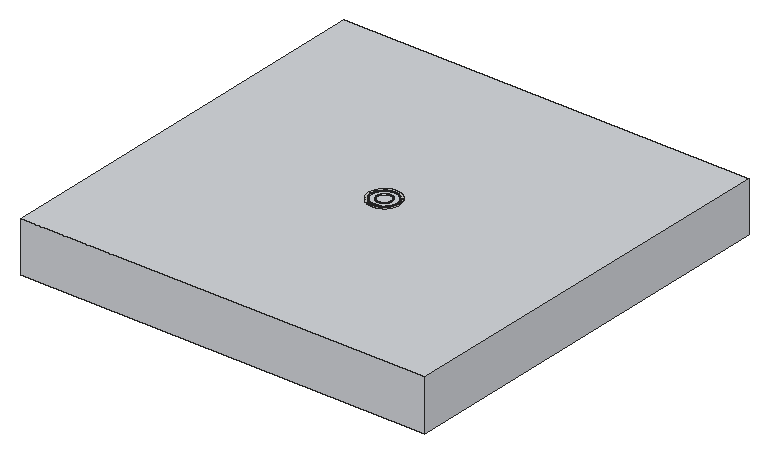
Revit family "LAMP_HANCE DOWNLIGHT RECESSED MEDIUM FLOOD 3000_4000", category Modelos genéricos, Revit 2015
Parameters (values of type "2744LM 4000K 3000 BLACK")
  Weight = 1.36 kg
  Aro 3000/4000 = yes
  Aro 1000/2000 = no
  Type = "COB PHILIPS"
  Tilting [instance] = if(Tilt < 0.00°, 180.00°, if(Tilt > 30.00°, 210.00°, Tilt + 180.00°))  # 180.00°
  Tilt [instance] = 0.00°
  Recessed diameter = 175 mm
  Protection rating = "IP20"
  Product datasheet = "http://www.lamp.es/product-files/TECH/HD1RE30MF840NBB-EN.pdf"
  Product code = "HD1RE30MF840NBB"
  Product URL = "https://www.lamp.es/en/family/hance-downlight_196363"
  Power Supply = "220-240V 50/60Hz"
  Power = 25 W
  Plum = 27.8 W
  Photometric web file = Cuerpo Hance BASE (tilting)_MF : 2744LM 4000K 3000 BLACK
  Modelo = Product code  # "HD1RE30MF840NBB"
  Model explanation = "Availability of tilting between 0º and 30º when placed in a project."
  Material interior aro = LAMP_Aluminio Hance Negro
  Material aro = LAMP_Aluminio Hance Negro
  Manufacturer name = "LAMP"
  Manufacturer country = "Spain"
  Manufacturer URL = "http://www.lamp.es/en"
  MacAdam = "3"
  Luminaire type = "Indoor - Recessed downlight"
  Last update = "21/11/2019"
  Lamp = "COB LED"
  LED Lifetime = "50.000 L80 B10"
  Insulation class = "II"
  Installation instructions = "https://www.lamp.es/product-files/INS/1004410-B-INSTR.%20DE%20MONTAJE%20HANCE%20DOWNLIGHT.pdf"
  Initial intensity = 2744 lm
  Initial color = 4000 K
  IEE = "A+"
  Gear = "Electronic"
  Finish = "Texturised black RAL 9011"
  Fabricante = Manufacturer name  # "LAMP"
  Default Elevation = 1219.2 mm
  Efficacy = 98.71 lm/W
  Radio aro exterior = 49 mm
  Diameter = 188 mm
  Descripción = "HANCE DOWN REC 3000 NW MFL BK."
  Decorative ring [instance] = Aro decorativo 3000_4000 (tilting) : Black
  Comentarios de tipo = Model explanation  # "Availability of tilting between 0º and 30º when placed in a project."
  CRI = "80"
  Altura modulos = 145 mm
Types (8, lengths in mm): name | Product datasheet | Product code | Power | Plum | Photometric web file | Modelo | Material aro | Initial intensity | Initial color | Finish | Efficacy | Descripción
  2744LM 4000K 3000 BLACK | "http://www.lamp.es/product-files/TECH/HD1RE30MF840NBB-EN.pdf" | "HD1RE30MF840NBB" | 25 W | 27.8 W | Cuerpo Hance BASE (tilting)_MF : 2744LM 4000K 3000 BLACK | "HD1RE30MF840NBB" | LAMP_Aluminio Hance Negro | 2744 lm | 4000 K | "Texturised black RAL 9011" | 98.71 lm/W | "HANCE DOWN REC 3000 NW MFL BK."
  2744LM 4000K 3000 WHITE | "http://www.lamp.es/product-files/TECH/HD1RE30MF840NBW-EN.pdf" | "HD1RE30MF840NBW" | 25 W | 27.8 W | Cuerpo Hance BASE (tilting)_MF : 2744LM 4000K 3000 WHITE | "HD1RE30MF840NBW" | LAMP_Aluminio Hance Blanco | 2744 lm | 4000 K | "Texturised white RAL 9010" | 98.71 lm/W | "HANCE DOWN REC 3000 NW MFL WH."
  2816LM 3000K 3000 BLACK | "http://www.lamp.es/product-files/TECH/HD1RE30MF830NBB-EN.pdf" | "HD1RE30MF830NBB" | 25 W | 28.2 W | Cuerpo Hance BASE (tilting)_MF : 2816LM 3000K 3000 BLACK | "HD1RE30MF830NBB" | LAMP_Aluminio Hance Negro | 2816 lm | 3000 K | "Texturised black RAL 9011" | 99.85 lm/W | "HANCE DOWN REC 3000 WW MFL BK."
  2816LM 3000K 3000 WHITE | "http://www.lamp.es/product-files/TECH/HD1RE30MF830NBW-EN.pdf" | "HD1RE30MF830NBW" | 25 W | 28.2 W | Cuerpo Hance BASE (tilting)_MF : 2816LM 3000K 3000 WHITE | "HD1RE30MF830NBW" | LAMP_Aluminio Hance Blanco | 2816 lm | 3000 K | "Texturised white RAL 9010" | 99.85 lm/W | "HANCE DOWN REC 3000 WW MFL WH."
  3724LM 3000K 4000 BLACK | "http://www.lamp.es/product-files/TECH/HD1RE40MF830NBB-EN.pdf" | "HD1RE40MF830NBB" | 34 W | 37.6 W | Cuerpo Hance BASE (tilting)_MF : 3724LM 3000K 4000 BLACK | "HD1RE40MF830NBB" | LAMP_Aluminio Hance Negro | 3724 lm | 3000 K | "Texturised black RAL 9011" | 99.05 lm/W | "HANCE DOWN REC 4000 WW MFL BK."
  3724LM 3000K 4000 WHITE | "http://www.lamp.es/product-files/TECH/HD1RE40MF830NBW-EN.pdf" | "HD1RE40MF830NBW" | 34 W | 37.6 W | Cuerpo Hance BASE (tilting)_MF : 3724LM 3000K 4000 WHITE | "HD1RE40MF830NBW" | LAMP_Aluminio Hance Blanco | 3724 lm | 3000 K | "Texturised white RAL 9010" | 99.05 lm/W | "HANCE DOWN REC 4000 WW MFL WH."
  3875LM 4000K 4000 BLACK | "http://www.lamp.es/product-files/TECH/HD1RE40MF840NBB-EN.pdf" | "HD1RE40MF840NBB" | 34 W | 37.6 W | Cuerpo Hance BASE (tilting)_MF : 3875LM 4000K 4000 BLACK | "HD1RE40MF840NBB" | LAMP_Aluminio Hance Negro | 3875 lm | 4000 K | "Texturised black RAL 9011" | 103.06 lm/W | "HANCE DOWN REC 4000 NW MFL BK."
  3875LM 4000K 4000 WHITE | "http://www.lamp.es/product-files/TECH/HD1RE40MF840NBW-EN.pdf" | "HD1RE40MF840NBW" | 34 W | 37.6 W | Cuerpo Hance BASE (tilting)_MF : 3875LM 4000K 4000 WHITE | "HD1RE40MF840NBW" | LAMP_Aluminio Hance Blanco | 3875 lm | 4000 K | "Texturised white RAL 9010" | 103.06 lm/W | "HANCE DOWN REC 4000 NW MFL WH."
Reference planes
  plane 1 "Centro (Frontal/Posterior)": y = 0
  plane 2: z = 0
  plane 3 "Centro (Izquierda/Derecha)": x = 0
Forms (mm)
  Extrusion 1, solid
    sketch origin (0, 0, 0) x (1, 0, 0) y (0, 1, 0)
      loop
        line (-1219.2, 1219.2) -> (-1219.2, -1219.2) -> (1219.2, -1219.2) -> (1219.2, 1219.2) -> (-1219.2, 1219.2)
    from 0 to -304.8
  Revolve 2, solid, material "LAMP_Aluminio Hance Negro" <- "Material aro"
    sketch origin (0, 0, 0) x (1, 0, 0) y (0, 0, 1)
      loop
        line (94, 0) -> (94, 1) -> (79.1, 1) -> (79.1, -38.896) -> (87.1, -38.896) -> (87.1, -37.896) -> (81.6, -37.896) -> (81.6, 0) -> (94, 0)
      axis (0, 1) -> (0, -38.896)
    angle from 0 to 360
  Revolve 3, solid, material "LAMP_Aluminio Hance Negro" <- "Material interior aro", visible <- "Aro 3000/4000"
    sketch origin (0, 0, 0) x (1, 0, 0) y (0, 0, 1)
      loop
        arc (74.724, -0.646) -> (74.448, -1.016) -> (74.348, -1.466) r 1.1
        arc (74.348, -1.466) -> (72.204, -17.889) -> (66.127, -33.297) r 67.535
        arc (66.127, -33.297) -> (65.772, -33.665) -> (65.28, -33.8) r 0.965
        line (65.28, -33.8) -> (0, -33.8) -> (0, -34.8) -> (65.28, -34.8)
        arc (65.28, -34.8) -> (65.772, -34.665) -> (66.127, -34.297) r 0.965
        arc (66.127, -34.297) -> (72.204, -18.889) -> (74.348, -2.466) r 67.535
        arc (74.348, -2.466) -> (74.448, -2.016) -> (74.724, -1.646) r 1.1
        arc (74.724, -1.646) -> (76.762, -0.425) -> (79.1, 0) r 6.641
        line (79.1, 0) -> (79.1, 1)
        arc (79.1, 1) -> (76.762, 0.575) -> (74.724, -0.646) r 6.641
      axis (0, 1) -> (0, -34.8)
    angle from 0 to 360
  Extrusion 4, void
    sketch origin (0, 0, 0) x (1, 0, 0) y (0, 1, 0)
      loop
        line (22.671, 46.054) -> (-22.668, 46.054)
        arc (-22.668, 46.054) -> (-69.098, -0.376) -> (-22.668, -46.807) r 46.43
        line (-22.668, -46.807) -> (22.671, -46.807)
        arc (22.671, -46.807) -> (69.102, -0.376) -> (22.671, 46.054) r 46.43
    from -196.113 to 250
Cuts and joins
  Extrusion 4 cuts Revolve 3
Text (mm)
  text "Any modification of the parameters and properties of the LAMP BIM models must be executed and validated by the LAMP technical department.\n\nPhone: +34 93 736 68 00\n\nE-mail: lamp@lamp.es\n\n\n\nLAMP reserves the right to modify the technical specifications of its products." at (39771.841, -40794.867, 40621.237), in view "Preview"
Dimensions and locks
  aligned and locked: plane 2 to Extrusion 1
  aligned and locked: level to Extrusion 1
Nested families
  nested 1: "Aro decorativo 3000_4000 (tilting)" at (0, 0, -68.882) x (1, 0, 0) z (0, 0, -1), type <- "Decorative ring", type "Black"
    with Tilting 180.00°
  nested 2: "Cuerpo Hance BASE (tilting)_MF" at (0, 1.967, -51.662), type <- "Photometric web file", type "2744LM 4000K 3000 BLACK"
    with Tilting 180.00°
Definition of nested family "Aro decorativo 3000_4000 (tilting)"
  Parameters (values of type "Black")
    Weight (3000/4000) = 0.016 kg
    Weight (1000/2000) = 0.01 kg
    Tilting = 0.00°
    Product datasheet = ""
    Product code (3000/4000) = "HSRI90C"
    Product code (1000/2000) = "HSRI65C"
    Product URL = ""
    Model = ""
    Material aro = none
    Manufacturer name = "LAMP"
    Manufacturer country = "Spain"
    Manufacturer URL = "http://www.lamp.es/en"
    Longitud = 42.5 mm
    Last update = "21/05/2018"
    Installation instructions = ""
    Finish = "Metalized matt copper"
    Manufacturer = Manufacturer name  # "LAMP"
    Default Elevation = 1219.2 mm
    Diameter (3000/4000) = 90 mm
    Diameter (1000/2000) = 65 mm
    Description = ""
    Accessory Type = "Optic"
    3000/4000 Model = "HSRI90C"
    3000/4000 Description = "HANCE 3000/4000 ACC. RING DECO CO."
    1000/2000 Model = "HSRI65C"
    1000/2000 Description = "HANCE 1000/2000 ACC. RING DECO CO."
  Types (5, lengths in mm): name | Product code (3000/4000) | Product code (1000/2000) | Finish | 3000/4000 Model | 3000/4000 Description | 1000/2000 Model | 1000/2000 Description
    (no name) | "HSRI90C" | "HSRI65C" | "Metalized matt copper" | "HSRI90C" | "HANCE 3000/4000 ACC. RING DECO CO." | "HSRI65C" | "HANCE 1000/2000 ACC. RING DECO CO."
    Black | "HSRI90C" | "HSRI65C" | "Metalized matt copper" | "HSRI90C" | "HANCE 3000/4000 ACC. RING DECO CO." | "HSRI65C" | "HANCE 1000/2000 ACC. RING DECO CO."
    Copper | "HSRI90C" | "HSRI65C" | "Metalized matt copper" | "HSRI90C" | "HANCE 3000/4000 ACC. RING DECO CO." | "HSRI65C" | "HANCE 1000/2000 ACC. RING DECO CO."
    Grey | "HSRI90M" | "HSRI65M" | "Metalized matt silver" | "HSRI90M" | "HANCE 3000/4000 ACC. RING DECO MET." | "HSRI65M" | "HANCE 1000/2000 ACC. RING DECO MET."
    White | "HSRI90W" | "HSRI65W" | "Matt White" | "HSRI90W" | "HANCE 3000/4000 ACC. RING DECO WH." | "HSRI65W" | "HANCE 1000/2000 ACC. RING DECO WH."
  Reference planes
    plane 1 "Centro (Frontal/Posterior)": y = 0
    plane 2: z = 0
    plane 3 "Centro (Izquierda/Derecha)": x = 0
  Lines and regions (mm)
    reference lines
      curve 1: line (0, 0, 0) -> (0, 0, 80.8)
    model lines
      curve 2: line (68.747, 0, 0) -> (69.9, 0, 0)
  Text (mm)
    text "Any modification of the parameters and properties of the LAMP BIM models must be executed and validated by the LAMP technical department.\n\nPhone: +34 93 736 68 00\n\nE-mail: lamp@lamp.es\n\n\n\nLAMP reserves the right to modify the technical specifications of its products." at (86527.204, -96597.187, 50741.736), in view "Preview"
  Dimensions and locks
    "Tilting": angle curve 1 to plane 3 "Centro (Izquierda/Derecha)"
    aligned and locked: level to plane 2
    aligned and locked: plane 3 "Centro (Izquierda/Derecha)" to curve 1
    aligned and locked: plane 2 to curve 1
  Automatic sketch dimensions
    curve 2 to level = 0 mm
    plane 3 "Centro (Izquierda/Derecha)" to curve 2 = 68.747 mm
    curve 2 to curve 2 = 1.153 mm
  Nested families
    nested 1: "Aro decorativo 3000_4000" at (-27.9, 0, 17.2) x (0, 0, 1) z (-1, 0, 0), type "Copper"
  Definition of nested family "Aro decorativo 3000_4000"
    Parameters (values of type "Black")
      Weight (3000/4000) = 0.016 kg
      Weight (1000/2000) = 0.01 kg
      Product datasheet = ""
      Product code (3000/4000) = "HSRI90C"
      Product code (1000/2000) = "HSRI65C"
      Product URL = ""
      Model = ""
      Material aro = none
      Manufacturer name = "LAMP"
      Manufacturer country = "Spain"
      Manufacturer URL = "http://www.lamp.es/en"
      Longitud = 42.5 mm
      Last update = "21/05/2018"
      Installation instructions = ""
      Finish = "Metalized matt copper"
      Manufacturer = Manufacturer name  # "LAMP"
      Default Elevation = 1219.2 mm
      Diametro vaciado aro interior = if(Diametro aro interior = 35.4 mm, 34.4 mm, 21.9 mm)  # 34.4 mm
      Diametro vaciado aro exterior = if(Diametro aro exterior = 42.9 mm, 41.9 mm, 29.4 mm)  # 41.9 mm
      Diametro aro interior = if(Diametro aro exterior = 42.9 mm, 35.4 mm, 22.9 mm)  # 35.4 mm
      Diametro aro exterior = if(Longitud = 42.5 mm, 42.9 mm, 30.4 mm)  # 42.9 mm
      Diameter (3000/4000) = 90 mm
      Diameter (1000/2000) = 65 mm
      Description = ""
      Accessory Type = "Optic"
      3000/4000 Model = "HSRI90C"
      3000/4000 Description = "HANCE 3000/4000 ACC. RING DECO CO."
      1000/2000 Description = "HANCE 1000/2000 ACC. RING DECO CO."
      1000/2000 Model = "HSRI65C"
    Types (4, lengths in mm): name | Manufacturer URL
      Black | "http://www.lamp.es/en"
      Copper | "http://www.lamp.es/en"
      Grey | "http://www.lamp.es/en"
      White | ""
    Reference planes
      plane 1 "Centro (Frontal/Posterior)": y = 0
      plane 2: z = 0
      plane 3 "Centro (Izquierda/Derecha)": x = 0
    Forms (mm)
      Revolve 1, solid, material <- "Material aro"
        sketch origin (0, 0, -27.9) x (1, 0, 0) y (0, 0, 1)
          loop
            line (42.5, 0) -> (52.682, 0) -> (52.682, 42.9) -> (42.5, 35.4) -> (42.5, 0)
          axis (52.682, 0) -> (42.5, 0)
        angle from 0 to 360
      Revolve 2, void
        sketch origin (0, 0, -27.9) x (1, 0, 0) y (0, 0, 1)
          loop
            line (52.682, 41.9) -> (42.5, 34.4) -> (42.5, 0) -> (52.682, 0) -> (52.682, 41.9)
          axis (42.5, 0) -> (52.682, 0)
        angle from 0 to 360
    Cuts and joins
      Revolve 2 cuts Revolve 1
    Lines and regions (mm)
      reference lines
        curve 1: line (0, 0, -27.9) -> (42.5, 0, -27.9)
    Text (mm)
      text "Any modification of the parameters and properties of the LAMP BIM models must be executed and validated by the LAMP technical department.\n\nPhone: +34 93 736 68 00\n\nE-mail: lamp@lamp.es\n\n\n\nLAMP reserves the right to modify the technical specifications of its products." at (91886.357, -93022.329, 47898.266), in view "Preview"
    Dimensions and locks
      "Diametro aro exterior": Revolve 1 sketch curve to Revolve 1 sketch curve
      "Diametro vaciado aro exterior": Revolve 2 sketch curve to Revolve 2 sketch curve
      "Longitud": curve 1 to plane 3 "Centro (Izquierda/Derecha)"
      "Diametro aro interior": Revolve 1 sketch curve to Revolve 1 sketch curve
      "Diametro vaciado aro interior": Revolve 2 sketch curve to Revolve 2 sketch curve
      aligned and locked: level to plane 2
    Automatic sketch dimensions
      Revolve 1 sketch curve to curve 1 = 0 mm  (x4)
      curve 1 to Revolve 1 sketch curve = 10.182 mm
      Revolve 1 sketch curve to Revolve 1 sketch curve = 0 mm
      Revolve 2 sketch curve to curve 1 = 0 mm  (x3)
      curve 1 to Revolve 2 sketch curve = 10.182 mm
      Revolve 2 sketch curve to curve 1 = 1261.008 mm
      Revolve 2 sketch curve to Revolve 2 sketch curve = 1898.983 mm
      curve 1 to plane 3 "Centro (Izquierda/Derecha)" = 0 mm
      curve 1 to level = 27.9 mm
Definition of nested family "Cuerpo Hance BASE (tilting)_MF"
  Parameters (values of type "2744LM 4000K 3000 BLACK")
    Tilting = 90.00°
    Photometric web file = Cuerpo Hance BASE_MF : 2744LM 4000K 3000 BLACK
    Default Elevation = 1219.2 mm
  Types (17, lengths in mm): name | Photometric web file
    (no name) | Cuerpo Hance BASE_MF : 2744LM 4000K 3000 BLACK
    740LM 4000K 1000 BLACK | Cuerpo Hance BASE_MF : 740LM 4000K 1000 BLACK
    740LM 4000K 1000 WHITE | Cuerpo Hance BASE_MF : 740LM 4000K 1000 WHITE
    806LM 3000K 1000 BLACK | Cuerpo Hance BASE_MF : 806LM 3000K 1000 BLACK
    806LM 3000K 1000 WHITE | Cuerpo Hance BASE_MF : 806LM 3000K 1000 WHITE
    1606LM 4000K 2000 BLACK | Cuerpo Hance BASE_MF : 1606LM 4000K 2000 BLACK
    1606LM 4000K 2000 WHITE | Cuerpo Hance BASE_MF : 1606LM 4000K 2000 WHITE
    1760LM 3000K 2000 BLACK | Cuerpo Hance BASE_MF : 1760LM 3000K 2000 BLACK
    1760LM 3000K 2000 WHITE | Cuerpo Hance BASE_MF : 1760LM 3000K 2000 WHITE
    2744LM 4000K 3000 BLACK | Cuerpo Hance BASE_MF : 2744LM 4000K 3000 BLACK
    2744LM 4000K 3000 WHITE | Cuerpo Hance BASE_MF : 2744LM 4000K 3000 WHITE
    2816LM 3000K 3000 BLACK | Cuerpo Hance BASE_MF : 2816LM 3000K 3000 BLACK
    2816LM 3000K 3000 WHITE | Cuerpo Hance BASE_MF : 2816LM 3000K 3000 WHITE
    3724LM 3000K 4000 BLACK | Cuerpo Hance BASE_MF : 3724LM 3000K 4000 BLACK
    3724LM 3000K 4000 WHITE | Cuerpo Hance BASE_MF : 3724LM 3000K 4000 WHITE
    3875LM 4000K 4000 BLACK | Cuerpo Hance BASE_MF : 3875LM 4000K 4000 BLACK
    3875LM 4000K 4000 WHITE | Cuerpo Hance BASE_MF : 3875LM 4000K 4000 WHITE
  Reference planes
    plane 1 "Centro (Frontal/Posterior)": y = 0
    plane 2: z = 0
    plane 3 "Centro (Izquierda/Derecha)": x = 0
  Lines and regions (mm)
    reference lines
      curve 1: line (0, 0, 0) -> (200, 0, 0)
  Dimensions and locks
    "Tilting": angle plane 3 "Centro (Izquierda/Derecha)" to curve 1
    aligned and locked: level to plane 2
    aligned and locked: plane 3 "Centro (Izquierda/Derecha)" to curve 1
    aligned and locked: plane 2 to curve 1
  Nested families
    nested 1: "Cuerpo Hance BASE_MF" at (-50.338, -1.967, 27.875), type <- "Photometric web file", type "2744LM 4000K 3000 BLACK"
  Definition of nested family "Cuerpo Hance BASE_MF"
    Parameters (values of type "740LM 4000K 1000 BLACK")
      Tilt Angle = 90.00° + Tilting  # 180.00°
      Wattage = 7.6 W
      Tilting = 90.00°
      built-in parameter 1150107 = 4000 (stored number, unit not read)
      Radio vacio posterior = Radio cuerpo - 2.2 mm  # 30.3 mm
      Radio vaciado = Radio cuerpo - 1.5 mm  # 31 mm
      Radio cuerpo = if(Longitud cuerpo = 145 mm, 45 mm, 32.5 mm)  # 32.5 mm
      built-in parameter 1150110 = 1 (stored number, unit not read)
      built-in parameter 1150109 = 1 (stored number, unit not read)
      built-in parameter 1150112 = 1 (stored number, unit not read)
      built-in parameter 1150113 = 1 (stored number, unit not read)
      built-in parameter 1114218 = 1 (stored number, unit not read)
      built-in parameter 1150137 = (empty or 0)
      built-in parameter 1150132 = 2
      Material reflector = none
      Material cuerpo = none
      Material COB = none
      Longitud cuerpo = 100 mm
      Long. origen luz = if(Longitud cuerpo = 100 mm, 20 mm, if(Longitud cuerpo = 170 mm, 55 mm, 90 mm))  # 20 mm
      L_3 = if(Ancho disipador posterior = 80.4 mm, 39.6 mm, 12 mm)  # 12 mm
      L_2 = if(Ancho disipador posterior = 80.4 mm, 36.3 mm, 22.6 mm)  # 22.6 mm
      L_1 = if(Ancho disipador posterior = 80.4 mm, 36.8 mm, 25.4 mm)  # 25.4 mm
      built-in parameter 1150105 = 2444 (stored number, unit not read)
      built-in parameter 1150102 = (empty or 0)
      built-in parameter 1150106 = 24.44 (stored number, unit not read)
      Lumens = 740.012 lm
      Color Filter = 16777215
      built-in parameter 1114217 = 1 (stored number, unit not read)
      built-in parameter 1150139 = (empty or 0)
      Default Elevation = 1219.2 mm
      built-in parameter 1150104 = 9.046 (stored number, unit not read)
      Diametro aro = if(Radio cuerpo = 45 mm, 42.9 mm, 30.4 mm)  # 30.4 mm
      built-in parameter 1150115 = 1 (stored number, unit not read)
      built-in parameter 1150114 = 1 (stored number, unit not read)
      built-in parameter 1150138 = (empty or 0)
      built-in parameter 1150134 = 12
      Dimming Lamp Color Temperature Shift = (empty or 0)
      Photometric Web File = "HD1RE10MF840NBB.IES"
      Ancho vaciado reflector = if(Radio cuerpo = 45 mm, 34.4 mm, 21.9 mm)  # 21.9 mm
      Ancho reflector = if(Radio cuerpo = 45 mm, 35.4 mm, 22.9 mm)  # 22.9 mm
      Ancho disipador posterior = if(Radio cuerpo = 32.5 mm, 53 mm, 80.4 mm)  # 53 mm
      built-in parameter 1150133 = 10 (stored number, unit not read)
      Altura disipador superior = if(Radio cuerpo = 45 mm, 23.9 mm, 36.9 mm)  # 36.9 mm
      Ancho disipador superior = if(Radio cuerpo = 45 mm, 28 mm, 22.6 mm)  # 22.6 mm
    Types (16, lengths in mm): name | Wattage | built-in parameter 1150107 | Radio vacio posterior | Radio vaciado | Radio cuerpo | Longitud cuerpo | Long. origen luz | L_3 | L_2 | L_1 | built-in parameter 1150105 | built-in parameter 1150106 | Lumens | built-in parameter 1150104 | Diametro aro | built-in parameter 1150134 | Photometric Web File | Ancho vaciado reflector | Ancho reflector | Ancho disipador posterior | Altura disipador superior | Ancho disipador superior
      740LM 4000K 1000 BLACK | 7.6 W | 4000 (stored number, unit not read) | 30.3 | 31 | 32.5 | 100 | 20 | 12 | 22.6 | 25.4 | 2444 (stored number, unit not read) | 24.44 (stored number, unit not read) | 740.012 lm | 9.046 (stored number, unit not read) | 30.4 | 12 | "HD1RE10MF840NBB.IES" | 21.9 | 22.9 | 53 | 36.9 | 22.6
      740LM 4000K 1000 WHITE | 7.6 W | 4000 (stored number, unit not read) | 30.3 | 31 | 32.5 | 100 | 20 | 12 | 22.6 | 25.4 | 2444 (stored number, unit not read) | 24.44 (stored number, unit not read) | 740.012 lm | 9.046 (stored number, unit not read) | 30.4 | 12 | "HD1RE10MF840NBW.IES" | 21.9 | 22.9 | 53 | 36.9 | 22.6
      806LM 3000K 1000 BLACK | 7.7 W | 3000 (stored number, unit not read) | 30.3 | 31 | 32.5 | 100 | 20 | 12 | 22.6 | 25.4 | 2662.5 (stored number, unit not read) | 26.625 (stored number, unit not read) | 806.19 lm | 9.7269 (stored number, unit not read) | 30.4 | (empty or 0) | "HD1RE10MF830NBB.IES" | 21.9 | 22.9 | 53 | 36.9 | 22.6
      806LM 3000K 1000 WHITE | 7.7 W | 3000 (stored number, unit not read) | 30.3 | 31 | 32.5 | 100 | 20 | 12 | 22.6 | 25.4 | 2662.5 (stored number, unit not read) | 26.625 (stored number, unit not read) | 806.19 lm | 9.7269 (stored number, unit not read) | 30.4 | (empty or 0) | "HD1RE10MF830NBW.IES" | 21.9 | 22.9 | 53 | 36.9 | 22.6
      1606LM 4000K 2000 BLACK | 20.6 W | 4000 (stored number, unit not read) | 30.3 | 31 | 32.5 | 100 | 20 | 12 | 22.6 | 25.4 | 5303.9 (stored number, unit not read) | 53.039 (stored number, unit not read) | 1605.98 lm | 7.2427 (stored number, unit not read) | 30.4 | 12 | "HD1RE20MF840NBB.IES" | 21.9 | 22.9 | 53 | 36.9 | 22.6
      1606LM 4000K 2000 WHITE | 20.6 W | 4000 (stored number, unit not read) | 30.3 | 31 | 32.5 | 100 | 20 | 12 | 22.6 | 25.4 | 5303.9 (stored number, unit not read) | 53.039 (stored number, unit not read) | 1605.98 lm | 7.2427 (stored number, unit not read) | 30.4 | 12 | "HD1RE20MF840NBW.IES" | 21.9 | 22.9 | 53 | 36.9 | 22.6
      1760LM 3000K 2000 BLACK | 20.7 W | 3000 (stored number, unit not read) | 30.3 | 31 | 32.5 | 100 | 20 | 12 | 22.6 | 25.4 | 5818.7 (stored number, unit not read) | 58.187 (stored number, unit not read) | 1759.71 lm | 7.8977 (stored number, unit not read) | 30.4 | (empty or 0) | "HD1RE20MF830NBB.IES" | 21.9 | 22.9 | 53 | 36.9 | 22.6
      1760LM 3000K 2000 WHITE | 20.7 W | 3000 (stored number, unit not read) | 30.3 | 31 | 32.5 | 100 | 20 | 12 | 22.6 | 25.4 | 5818.7 (stored number, unit not read) | 58.187 (stored number, unit not read) | 1759.71 lm | 7.8977 (stored number, unit not read) | 30.4 | (empty or 0) | "HD1RE20MF830NBW.IES" | 21.9 | 22.9 | 53 | 36.9 | 22.6
      2744LM 4000K 3000 BLACK | 27.8 W | 4000 (stored number, unit not read) | 42.8 | 43.5 | 45 | 145 | 90 | 39.6 | 36.3 | 36.8 | 9073.9 (stored number, unit not read) | 90.739 (stored number, unit not read) | 2744.14 lm | 9.1705 (stored number, unit not read) | 42.9 | 12 | "HD1RE30MF840NBB.IES" | 34.4 | 35.4 | 80.4 | 23.9 | 28
      2744LM 4000K 3000 WHITE | 27.8 W | 4000 (stored number, unit not read) | 42.8 | 43.5 | 45 | 145 | 90 | 39.6 | 36.3 | 36.8 | 9073.9 (stored number, unit not read) | 90.739 (stored number, unit not read) | 2744.14 lm | 9.1705 (stored number, unit not read) | 42.9 | 12 | "HD1RE30MF840NBW.IES" | 34.4 | 35.4 | 80.4 | 23.9 | 28
      2816LM 3000K 3000 BLACK | 28.2 W | 3000 (stored number, unit not read) | 42.8 | 43.5 | 45 | 145 | 90 | 39.6 | 36.3 | 36.8 | 12461.1 (stored number, unit not read) | 124.61 (stored number, unit not read) | 2815.77 lm | 9.2764 (stored number, unit not read) | 42.9 | (empty or 0) | "HD1RE30MF830NBB.IES" | 34.4 | 35.4 | 80.4 | 23.9 | 28
      2816LM 3000K 3000 WHITE | 28.2 W | 3000 (stored number, unit not read) | 42.8 | 43.5 | 45 | 145 | 90 | 39.6 | 36.3 | 36.8 | 12461.1 (stored number, unit not read) | 124.61 (stored number, unit not read) | 2815.77 lm | 9.2764 (stored number, unit not read) | 42.9 | (empty or 0) | "HD1RE30MF830NBW.IES" | 34.4 | 35.4 | 80.4 | 23.9 | 28
      3724LM 3000K 4000 BLACK | 37.6 W | 3000 (stored number, unit not read) | 42.8 | 43.5 | 45 | 145 | 90 | 39.6 | 36.3 | 36.8 | 16481.7 (stored number, unit not read) | 164.82 (stored number, unit not read) | 3724.28 lm | 9.202 (stored number, unit not read) | 42.9 | (empty or 0) | "HD1RE40MF830NBB.IES" | 34.4 | 35.4 | 80.4 | 23.9 | 28
      3724LM 3000K 4000 WHITE | 37.6 W | 3000 (stored number, unit not read) | 42.8 | 43.5 | 45 | 145 | 90 | 39.6 | 36.3 | 36.8 | 16481.7 (stored number, unit not read) | 164.82 (stored number, unit not read) | 3724.28 lm | 9.202 (stored number, unit not read) | 42.9 | (empty or 0) | "HD1RE40MF830NBW.IES" | 34.4 | 35.4 | 80.4 | 23.9 | 28
      3875LM 4000K 4000 BLACK | 37.6 W | 4000 (stored number, unit not read) | 42.8 | 43.5 | 45 | 145 | 90 | 39.6 | 36.3 | 36.8 | 15793 (stored number, unit not read) | 157.93 (stored number, unit not read) | 3875.06 lm | 9.5746 (stored number, unit not read) | 42.9 | 12 | "HD1RE40MF840NBB.IES" | 34.4 | 35.4 | 80.4 | 23.9 | 28
      3875LM 4000K 4000 WHITE | 37.6 W | 4000 (stored number, unit not read) | 42.8 | 43.5 | 45 | 145 | 90 | 39.6 | 36.3 | 36.8 | 15793 (stored number, unit not read) | 157.93 (stored number, unit not read) | 3875.06 lm | 9.5746 (stored number, unit not read) | 42.9 | 12 | "HD1RE40MF840NBW.IES" | 34.4 | 35.4 | 80.4 | 23.9 | 28
    Reference planes
      plane 1 "Centro (Frontal/Posterior)": y = 0
      plane 2: z = 0
      plane 3 "Centro (Izquierda/Derecha)": x = 0
    Forms (mm)
      Extrusion 1, solid, material <- "Material cuerpo"
        sketch origin (0, 0, 0) x (0, -1, 0) y (0, 0, 1)
          loop
            circle (0, -27.875) r 32.5
        from -58 to 42
      Extrusion 2, void
        sketch origin (0, 0, 0) x (0, 1, 0) y (0, 0, 1)
          loop
            line (11.3, 30) -> (-11.3, 30) -> (-11.3, -6.9)
            arc (-11.3, -6.9) -> (0, -7.855) -> (11.3, -6.9) r 67.349
            line (11.3, -6.9) -> (11.3, 30)
        from -42 to 9.4
      Extrusion 3, void
        sketch origin (0, 0, 0) x (0, 1, 0) y (0, 0, 1)
          loop
            circle (0, -27.875) r 30.3
        from -42 to -41
      Extrusion 4, void
        sketch origin (0, 0, 0) x (0, 1, 0) y (0, 0, 1)
          loop
            line (26.5, -26.291) -> (-26.5, -26.291)
            arc (-26.5, -26.291) -> (-27.7, -27.491) -> (-26.5, -28.691) r 1.2
            line (-26.5, -28.691) -> (26.5, -28.691)
            arc (26.5, -28.691) -> (27.7, -27.491) -> (26.5, -26.291) r 1.2
          loop
            line (26.115, -30.891) -> (-26.115, -30.891)
            arc (-26.115, -30.891) -> (-27.315, -32.091) -> (-26.115, -33.291) r 1.2
            line (-26.115, -33.291) -> (26.115, -33.291)
            arc (26.115, -33.291) -> (27.315, -32.091) -> (26.115, -30.891) r 1.2
          loop
            line (25.4, -35.55) -> (-24.915, -35.55)
            arc (-24.915, -35.55) -> (-26.115, -36.75) -> (-24.915, -37.95) r 1.2
            line (-24.915, -37.95) -> (25.4, -37.95)
            arc (25.4, -37.95) -> (26.6, -36.75) -> (25.4, -35.55) r 1.2
          loop
            line (22.6, -40.091) -> (-22.64, -40.091)
            arc (-22.64, -40.091) -> (-23.84, -41.291) -> (-22.64, -42.491) r 1.2
            line (-22.64, -42.491) -> (22.6, -42.491)
            arc (22.6, -42.491) -> (23.8, -41.291) -> (22.6, -40.091) r 1.2
          loop
            line (19.043, -44.691) -> (-19.086, -44.691)
            arc (-19.086, -44.691) -> (-20.286, -45.891) -> (-19.086, -47.091) r 1.2
            line (-19.086, -47.091) -> (19.043, -47.091)
            arc (19.043, -47.091) -> (20.243, -45.891) -> (19.043, -44.691) r 1.2
          loop
            line (15.357, -49.291) -> (-15.5, -49.291)
            arc (-15.5, -49.291) -> (-16.6, -50.391) -> (-15.5, -51.491) r 1.1
            line (-15.5, -51.491) -> (15.357, -51.491)
            arc (15.357, -51.491) -> (16.457, -50.391) -> (15.357, -49.291) r 1.1
          loop
            line (6, -53.691) -> (-6, -53.691)
            arc (-6, -53.691) -> (-7.1, -54.791) -> (-6, -55.891) r 1.1
            line (-6, -55.891) -> (6, -55.891)
            arc (6, -55.891) -> (7.1, -54.791) -> (6, -53.691) r 1.1
        from -42 to -38.7
      Extrusion 5, void
        sketch origin (0, 0, 0) x (-1, 0, 0) y (0, -1, 0)
          loop
            line (37.7, -9.12) -> (37.7, 9.12)
            arc (37.7, 9.12) -> (36.6, 10.22) -> (35.5, 9.12) r 1.1
            line (35.5, 9.12) -> (35.5, -9.12)
            arc (35.5, -9.12) -> (36.6, -10.22) -> (37.7, -9.12) r 1.1
          loop
            line (28.9, -9.12) -> (28.9, 9.12)
            arc (28.9, 9.12) -> (27.8, 10.22) -> (26.7, 9.12) r 1.1
            line (26.7, 9.12) -> (26.7, -9.12)
            arc (26.7, -9.12) -> (27.8, -10.22) -> (28.9, -9.12) r 1.1
          loop
            line (20.1, -9.12) -> (20.1, 9.12)
            arc (20.1, 9.12) -> (19, 10.22) -> (17.9, 9.12) r 1.1
            line (17.9, 9.12) -> (17.9, -9.12)
            arc (17.9, -9.12) -> (19, -10.22) -> (20.1, -9.12) r 1.1
        from -51.491 to 30
      Extrusion 6, void
        sketch origin (0, 0, 0) x (-1, 0, 0) y (0, -1, 0)
          loop
            line (33.3, -9.12) -> (33.3, 9.12)
            arc (33.3, 9.12) -> (32.2, 10.22) -> (31.1, 9.12) r 1.1
            line (31.1, 9.12) -> (31.1, -9.12)
            arc (31.1, -9.12) -> (32.2, -10.22) -> (33.3, -9.12) r 1.1
          loop
            line (24.5, -9.12) -> (24.5, 9.12)
            arc (24.5, 9.12) -> (23.4, 10.22) -> (22.3, 9.12) r 1.1
            line (22.3, 9.12) -> (22.3, -9.12)
            arc (22.3, -9.12) -> (23.4, -10.22) -> (24.5, -9.12) r 1.1
        from -8.232 to 30
      Extrusion 7, void
        sketch origin (0, 0, 0) x (0, 1, 0) y (0, 0, 1)
          loop
            circle (0, -27.875) r 31
        from 17.213 to 58
      Revolve 8, solid, material <- "Material reflector"
        sketch origin (0, 0, 0) x (1, 0, 0) y (0, 0, 1)
          loop
            line (25.5, -27.875) -> (45.818, -27.875) -> (45.818, -4.975) -> (25.5, -19.875) -> (25.5, -27.875)
          axis (25.5, -27.875) -> (45.818, -27.875)
        angle from 0 to 360
      Revolve 9, void
        sketch origin (0, 0, 0) x (1, 0, 0) y (0, 0, 1)
          loop
            line (45.818, -5.975) -> (26.5, -20.142) -> (25.5, -20.142) -> (25.5, -27.875) -> (26.5, -27.875) -> (45.818, -27.875) -> (45.818, -5.975)
          axis (45.818, -27.875) -> (25.5, -27.875)
        angle from 0 to 360
      Extrusion 10, solid, material <- "Material COB"
        sketch origin (0, 0, 0) x (0, -1, 0) y (0, 0, 1)
          loop
            circle (0, -27.875) r 7.733
        from -26.5 to -25.5
    Cuts and joins
      Extrusion 2, Extrusion 3, Extrusion 4, Extrusion 5, Extrusion 6, Extrusion 7 cuts Extrusion 1
      Revolve 9 cuts Revolve 8
    Lines and regions (mm)
      reference lines
        curve 1: line (0, 0, 0) -> (178.042, 0, 0)
        curve 2: line (93, 0, -27.875) -> (113, 0, -27.875)
        curve 3: line (0, 0, 0) -> (0, 0, -75)
        curve 4: line (93, 0, -22.875) -> (93, 0, -32.875)
    Text (mm)
      text "Any modification of the parameters and properties of the LAMP BIM models must be executed and validated by the LAMP technical department.\n\nPhone: +34 93 736 68 00\n\nE-mail: lamp@lamp.es\n\n\n\nLAMP reserves the right to modify the technical specifications of its products." at (97482.136, -81600.41, 57308.082), in view "Preview"
    Dimensions and locks
      locked: Revolve 9 sketch curve to cut or joined group of Extrusion 1, Extrusion 2, Extrusion 3, Extrusion 4, Extrusion 5, Extrusion 6, Extrusion 7 at 12.182
      "Longitud cuerpo": cut or joined group of Extrusion 1, Extrusion 2, Extrusion 3, Extrusion 4, Extrusion 5, Extrusion 6, Extrusion 7 to cut or joined group of Extrusion 1, Extrusion 2, Extrusion 3, Extrusion 4, Extrusion 5, Extrusion 6, Extrusion 7
      locked: cut or joined group of Extrusion 1, Extrusion 2, Extrusion 3, Extrusion 4, Extrusion 5, Extrusion 6, Extrusion 7 to curve 3 at 42
      locked: cut or joined group of Revolve 8, Revolve 9 to cut or joined group of Extrusion 1, Extrusion 2, Extrusion 3, Extrusion 4, Extrusion 5, Extrusion 6, Extrusion 7 at 12.182
      locked: cut or joined group of Revolve 8, Revolve 9 to cut or joined group of Revolve 8, Revolve 9 at 20.318
      locked: cut or joined group of Extrusion 1, Extrusion 2, Extrusion 3, Extrusion 4, Extrusion 5, Extrusion 6, Extrusion 7 to Extrusion 10 at 31.5
      locked: Extrusion 10 to Extrusion 10 at 1
      "Long. origen luz": curve 4 to curve 2
      equal spacing: Extrusion 4 sketch curve, plane 1 "Centro (Frontal/Posterior)", Extrusion 4 sketch curve  (x2)
      "Ancho disipador posterior": Extrusion 4 sketch curve to Extrusion 4 sketch curve
      "L_1": Extrusion 4 sketch curve to plane 1 "Centro (Frontal/Posterior)"
      "L_2": Extrusion 4 sketch curve to curve 3
      "L_3": Extrusion 4 sketch curve to Extrusion 4 sketch curve
      equal spacing: Extrusion 2 sketch curve, plane 1 "Centro (Frontal/Posterior)", Extrusion 2 sketch curve
      "Ancho disipador superior": Extrusion 2 sketch curve to Extrusion 2 sketch curve
      "Altura disipador superior": Extrusion 2 sketch curve to Extrusion 2 sketch curve
      locked: plane 2 to Extrusion 2 sketch curve at 30
      "Ancho reflector": Revolve 8 sketch curve to imposter light
      "Ancho vaciado reflector": Revolve 9 sketch curve to imposter light
      "Radio cuerpo": radius of Extrusion 1 sketch curve
      "Radio vaciado": radius of Extrusion 7 sketch curve
      "Radio vacio posterior": radius of Extrusion 3 sketch curve
      "Tilting": angle plane 3 "Centro (Izquierda/Derecha)" to curve 1
      aligned and locked: level to plane 2
      aligned and locked: imposter light to curve 2  (x2)
      aligned and locked: cut or joined group of Extrusion 1, Extrusion 2, Extrusion 3, Extrusion 4, Extrusion 5, Extrusion 6, Extrusion 7 to cut or joined group of Extrusion 1, Extrusion 2, Extrusion 3, Extrusion 4, Extrusion 5, Extrusion 6, Extrusion 7
    Automatic sketch dimensions
      curve 1 to Extrusion 5 sketch curve = 17.9 mm
      Extrusion 5 sketch curve to Extrusion 5 sketch curve = 1.1 mm  (x3)
      Extrusion 5 sketch curve to Extrusion 5 sketch curve = 6.6 mm  (x2)
      Extrusion 5 sketch curve to curve 1 = 9.12 mm  (x2)
      Extrusion 5 sketch curve to Extrusion 5 sketch curve = 0 mm  (x3)
      curve 1 to Extrusion 5 sketch curve = 9.12 mm
      curve 1 to Extrusion 6 sketch curve = 22.3 mm
      Extrusion 6 sketch curve to Extrusion 6 sketch curve = 1.1 mm  (x2)
      Extrusion 6 sketch curve to Extrusion 6 sketch curve = 6.6 mm
      Extrusion 6 sketch curve to curve 1 = 9.12 mm
      Extrusion 6 sketch curve to Extrusion 6 sketch curve = 0 mm  (x2)
      curve 1 to Extrusion 6 sketch curve = 9.12 mm
      Extrusion 10 sketch curve to plane 1 "Centro (Frontal/Posterior)" = 0 mm
      Extrusion 1 sketch curve to plane 1 "Centro (Frontal/Posterior)" = 0 mm
      Extrusion 1 sketch curve to level = 27.875 mm
      Extrusion 2 sketch curve to plane 1 "Centro (Frontal/Posterior)" = 0 mm
      Extrusion 2 sketch curve to Extrusion 2 sketch curve = 29.494 mm
      Extrusion 3 sketch curve to plane 1 "Centro (Frontal/Posterior)" = 0 mm
      Extrusion 3 sketch curve to level = 27.875 mm
      Extrusion 4 sketch curve to Extrusion 4 sketch curve = 0.385 mm  (x2)
      Extrusion 4 sketch curve to Extrusion 4 sketch curve = 1.2 mm  (x6)
      Extrusion 4 sketch curve to Extrusion 4 sketch curve = 2.276 mm
      Extrusion 4 sketch curve to Extrusion 4 sketch curve = 3.554 mm
      Extrusion 4 sketch curve to Extrusion 4 sketch curve = 3.586 mm
      Extrusion 4 sketch curve to Extrusion 4 sketch curve = 9.357 mm
      Extrusion 4 sketch curve to Extrusion 4 sketch curve = 3.557 mm
      Extrusion 4 sketch curve to level = 55.891 mm
      Extrusion 4 sketch curve to Extrusion 4 sketch curve = 1.1 mm  (x2)
      Extrusion 4 sketch curve to Extrusion 4 sketch curve = 2.2 mm  (x4)
      Extrusion 4 sketch curve to Extrusion 4 sketch curve = 2.141 mm
      Extrusion 4 sketch curve to Extrusion 4 sketch curve = 2.259 mm
      Extrusion 7 sketch curve to plane 1 "Centro (Frontal/Posterior)" = 0 mm
      Extrusion 7 sketch curve to level = 27.875 mm
      curve 1 to Revolve 8 sketch curve = 25.5 mm
      Revolve 8 sketch curve to Revolve 8 sketch curve = 20.318 mm
      curve 1 to Revolve 8 sketch curve = 19.875 mm
      Revolve 8 sketch curve to Revolve 8 sketch curve = 8 mm
      Revolve 8 sketch curve to Revolve 8 sketch curve = 0 mm  (x2)
      Revolve 8 sketch curve to Revolve 8 sketch curve = 9.682 mm
      Revolve 9 sketch curve to Revolve 9 sketch curve = 19.318 mm
      Revolve 9 sketch curve to Revolve 9 sketch curve = 0 mm  (x3)
      Revolve 9 sketch curve to Revolve 9 sketch curve = 1 mm
      curve 1 to Revolve 9 sketch curve = 20.142 mm
      Revolve 9 sketch curve to Revolve 9 sketch curve = 7.733 mm
      Revolve 9 sketch curve to Revolve 9 sketch curve = 9.682 mm
      curve 1 to level = 0 mm
      curve 1 to plane 3 "Centro (Izquierda/Derecha)" = 0 mm
      curve 3 to curve 1 = 0 mm  (x2)
      curve 3 to curve 1 = 75 mm
      curve 1 to curve 4 = 32.875 mm
      curve 4 to curve 1 = 85.042 mm
      curve 4 to curve 2 = 5 mm
      curve 2 to curve 4 = 5 mm
      radius of Extrusion 10 sketch curve = 7.733 mm
